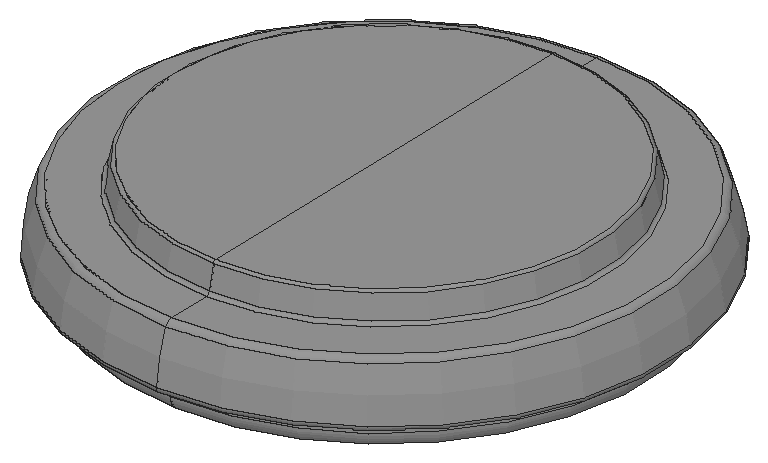
Revit family "FMK11_63_UN_Surface-mounted_ETK", category Lighting Fixtures, Revit 2017 (continued)
Definition of nested family "FMK.1 - Lightsource"
  Types (13, lengths in mm): name | Wattage Comments | Photometric Web File | built-in parameter 1150142 | Apparent Load
    FMK.1129.10N - Ø250x48 / 12W | "12W" | "FMK.1129.10n.ies" | "IESNA:LM-63-2002\r\n[TEST] /2015\r\n[TESTLAB] ies2eulumdat.appspot.com\r\n[ISSUEDATE] 2021-06-16T09:00:21.829\r\n[MANUFAC] www.etk.nl\r\n[LUMCAT] FMK.1109.10\r\n[LUMINAIRE] FMK.1 LED 12W 3000/4000/5700K ø250 niet dimbaar\r\n[LAMPCAT] LED\r\n[LAMP] LED\r\nTILT=NONE\r\n1\t1150\t1\t46\t180\t1\t2\t-0.250\t-0.250\t0\r\n1.0\t1.0\t11.80\r\n0\t 2\t 4\t 6\t 8\t 10\t 12\t 14\t 16\t 18\r\n20\t 22\t 24\t 26\t 28\t 30\t 32\t 34\t 36\t 38\r\n40\t 42\t 44\t 46\t 48\t 50\t 52\t 54\t 56\t 58\r\n60\t 62\t 64\t 66\t 68\t 70\t 72\t 74\t 76\t 78\r\n80\t 82\t 84\t 86\t 88\t 90\r\n0\t 2\t 4\t 6\t 8\t 10\t 12\t 14\t 16\t 18\r\n20\t 22\t 24\t 26\t 28\t 30\t 32\t 34\t 36\t 38\r\n40\t 42\t 44\t 46\t 48\t 50\t 52\t 54\t 56\t 58\r\n60\t 62\t 64\t 66\t 68\t 70\t 72\t 74\t 76\t 78\r\n80\t 82\t 84\t 86\t 88\t 90\t 92\t 94\t 96\t 98\r\n100\t 102\t 104\t 106\t 108\t 110\t 112\t 114\t 116\t 118\r\n120\t 122\t 124\t 126\t 128\t 130\t 132\t 134\t 136\t 138\r\n140\t 142\t 144\t 146\t 148\t 150\t 152\t 154\t 156\t 158\r\n160\t 162\t 164\t 166\t 168\t 170\t 172\t 174\t 176\t 178\r\n180\t 182\t 184\t 186\t 188\t 190\t 192\t 194\t 196\t 198\r\n200\t 202\t 204\t 206\t 208\t 210\t 212\t 214\t 216\t 218\r\n220\t 222\t 224\t 226\t 228\t 230\t 232\t 234\t 236\t 238\r\n240\t 242\t 244\t 246\t 248\t 250\t 252\t 254\t 256\t 258\r\n260\t 262\t 264\t 266\t 268\t 270\t 272\t 274\t 276\t 278\r\n280\t 282\t 284\t 286\t 288\t 290\t 292\t 294\t 296\t 298\r\n300\t 302\t 304\t 306\t 308\t 310\t 312\t 314\t 316\t 318\r\n320\t 322\t 324\t 326\t 328\t 330\t 332\t 334\t 336\t 338\r\n340\t 342\t 344\t 346\t 348\t 350\t 352\t 354\t 356\t 358\r\n\r\n405.3384\t404.7765\t404.2265\t402.9975\t401.1013\t399.2051\t395.3191\t391.4331\t387.5471\t383.661\r\n379.7751\t373.4779\t367.169\t360.8717\t354.5746\t348.2657\t339.7094\t331.1415\t322.5852\t314.029\r\n305.461\t294.8096\t284.1582\t273.5069\t262.8555\t252.2041\t239.7267\t227.261\t214.7837\t202.3181\r\n189.8525\t177.3751\t164.9094\t152.432\t139.9664\t127.4891\t0\t0\t0\t0\r\n0\t0\t0\t0\t0\t0\r\n405.3384\t404.7925\t404.2577\t403.0448\t401.1686\t399.2994\t395.4335\t391.5606\t387.7102\t383.8203\r\n379.9334\t373.6444\t367.3443\t361.0453\t354.7325\t348.4388\t339.8983\t331.3616\t322.8117\t314.2627\r\n305.722\t295.0872\t284.4404\t273.8022\t263.1576\t252.5163\t240.0548\t227.5873\t215.131\t202.664\r\n190.1945\t177.7378\t165.2697\t152.8012\t140.3312\t128.1946\t0.3296\t0\t0\t0\r\n0\t0\t0\t0\t0\t0\r\n405.3384\t404.8094\t404.2892\t403.0935\t401.2796\t399.4809\t395.6213\t391.7396\t387.8385\t383.9437\r\n380.072\t373.802\t367.5085\t361.2065\t354.9129\t348.6531\t340.137\t331.5961\t323.0451\t314.5012\r\n305.9895\t295.3818\t284.734\t274.0862\t263.4264\t252.8071\t240.376\t227.9231\t215.4572\t202.995\r\n190.53\t178.0631\t165.6056\t153.1389\t140.6717\t129.4859\t1.3419\t0\t0\t0\r\n0\t0\t0\t0\t0\t0\r\n405.3384\t404.8271\t404.3209\t403.1488\t401.3532\t399.5783\t395.7291\t391.8382\t387.9181\t384.0265\r\n380.1901\t373.9544\t367.6616\t361.3486\t355.0482\t348.8012\t340.3437\t331.8018\t323.2501\t314.6929\r\n306.2129\t295.662\t285.012\t274.3604\t263.7094\t253.1247\t240.74\t228.2758\t215.8122\t203.3491\r\n190.8749\t178.4127\t165.9503\t153.4898\t141.027\t131.3458\t3.1025\t0\t0\t0\r\n0\t0\t0\t0\t0\t0\r\n405.3384\t404.8458\t404.3591\t403.1978\t401.4167\t399.6486\t395.7816\t391.8937\t388.0038\t384.1068\r\n380.2987\t374.1143\t367.817\t361.5156\t355.2003\t348.9967\t340.5979\t332.043\t323.4957\t314.942\r\n306.4955\t295.9896\t285.3021\t274.6328\t263.9659\t253.4202\t241.0823\t228.6129\t216.1591\t203.6915\r\n191.2234\t178.7558\t166.3001\t153.8352\t141.371\t133.6544\t5.718\t0\t0\t0\r\n0\t0\t0\t0\t0\t0\r\n405.3384\t404.8652\t404.3908\t403.2459\t401.4706\t399.6646\t395.8675\t391.9843\t388.0857\t384.1821\r\n380.4316\t374.3456\t368.0256\t361.7021\t355.3697\t349.2\t340.8799\t332.2872\t323.6935\t315.0968\r\n306.6804\t296.3012\t285.6181\t274.9391\t264.248\t253.707\t241.4578\t228.9766\t216.4988\t204.0245\r\n191.5571\t179.0864\t166.6186\t154.1544\t141.6922\t136.24\t9.3369\t0\t0\t0\r\n0\t0\t0\t0\t0\t0\r\n405.3384\t404.8854\t404.4219\t403.2933\t401.5055\t399.7186\t395.9651\t392.0842\t388.1903\t384.3067\r\n380.5784\t374.5562\t368.2162\t361.8639\t355.4958\t349.3364\t341.1183\t332.5123\t323.9013\t315.2964\r\n306.9063\t296.6299\t285.9122\t275.1976\t264.4831\t253.9575\t241.8218\t229.3201\t216.8328\t204.3396\r\n191.8483\t179.3695\t166.8926\t154.4222\t141.9565\t138.8551\t14.1501\t0\t0\t0\r\n0\t0\t0\t0\t0\t0\r\n405.3384\t404.9066\t404.4521\t403.3398\t401.5506\t399.7766\t396.0731\t392.2029\t388.3231\t384.3922\r\n380.6589\t374.7488\t368.3792\t361.9898\t355.5837\t349.4181\t341.3685\t332.7528\t324.1099\t315.4532\r\n307.0598\t296.9581\t286.2249\t275.4731\t264.7159\t254.1799\t242.1928\t229.6762\t217.1659\t204.6692\r\n192.1717\t179.6758\t167.1817\t154.6978\t142.2295\t141.3105\t20.401\t0\t0\t0\r\n0\t0\t0\t0\t0\t0\r\n405.3384\t404.9688\t404.4817\t403.3908\t401.5946\t399.8358\t396.2032\t392.3475\t388.4203\t384.4425\r\n380.7195\t374.9437\t368.5473\t362.1238\t355.6851\t349.5134\t341.9282\t332.9785\t324.3069\t315.6402\r\n306.9436\t297.5694\t286.5262\t275.7395\t264.9593\t254.1623\t242.7912\t230.0358\t217.5005\t204.986\r\n192.4711\t179.9636\t167.4644\t154.9748\t142.4941\t143.2492\t28.3764\t0\t0\t0\r\n0\t0\t0\t0\t0\t0\r\n405.3384\t404.9901\t404.5102\t403.434\t401.6375\t399.8986\t396.3675\t392.4653\t388.4946\t384.4886\r\n380.7515\t375.1532\t368.7296\t362.2829\t355.7949\t349.2691\t342.1908\t333.257\t324.528\t315.7751\r\n307.0363\t297.9246\t286.8722\t276.0236\t265.1733\t254.3419\t243.18\t230.433\t217.8766\t205.3224\r\n192.7845\t180.2462\t167.7206\t155.2142\t142.724\t144.3059\t38.4235\t0\t0\t0\r\n0\t0\t0\t0\t0\t0\r\n405.3384\t405.0108\t404.5376\t403.4745\t401.6757\t399.9613\t396.5103\t392.5677\t388.5717\t384.5293\r\n380.4421\t375.6788\t368.9428\t362.4278\t355.8852\t349.3419\t342.4468\t333.4846\t324.7196\t315.9401\r\n307.1422\t298.1755\t287.1691\t276.2852\t265.4162\t254.5351\t243.54\t230.8321\t218.2158\t205.6051\r\n193.0422\t180.5018\t167.9628\t155.4439\t142.9509\t130.4715\t80.1717\t0\t0\t0\r\n0\t0\t0\t0\t0\t0\r\n405.3384\t405.0308\t404.5638\t403.5122\t401.7197\t400.0344\t396.6479\t392.675\t388.642\t384.5539\r\n380.446\t375.8849\t369.1475\t362.5941\t356.0076\t349.3402\t342.606\t333.7678\t324.9507\t316.0958\r\n307.1888\t298.3823\t287.5427\t276.5987\t265.6547\t254.6769\t243.7733\t231.1892\t218.5583\t205.9536\r\n193.3574\t180.7795\t168.2176\t155.6732\t143.1664\t130.6811\t92.6587\t0\t0\t0\r\n0\t0\t0\t0\t0\t0\r\n405.3384\t405.0504\t404.5956\t403.547\t401.7653\t400.0733\t397.0342\t392.7846\t388.7175\t384.6009\r\n380.4658\t376.0643\t369.3866\t362.7735\t356.0799\t349.3699\t342.7566\t334.0832\t325.1628\t316.2179\r\n307.2752\t298.5357\t287.9146\t276.8913\t265.8705\t254.8646\t244.0337\t231.6235\t218.9315\t206.265\r\n193.6356\t181.0339\t168.4572\t155.9156\t143.3861\t130.8825\t104.473\t0\t0\t0\r\n0\t0\t0\t0\t0\t0\r\n405.3384\t405.0692\t404.6173\t403.5726\t401.812\t400.0922\t397.1653\t392.8976\t388.795\t384.6787\r\n380.4567\t376.1942\t369.6246\t362.9226\t356.2055\t349.4272\t342.8367\t334.3769\t325.3805\t316.3703\r\n307.3625\t298.3377\t288.5546\t277.2123\t266.1258\t255.0391\t244.1559\t232.0335\t219.3073\t206.6258\r\n193.9576\t181.3129\t168.7045\t156.1324\t143.5875\t131.0872\t115.0185\t0\t0\t0\r\n0\t0\t0\t0\t0\t0\r\n405.3384\t405.0876\t404.6362\t403.6022\t401.8688\t399.828\t397.2783\t392.9976\t388.9023\t384.7385\r\n380.4432\t376.2623\t369.8607\t363.1303\t356.3361\t349.4819\t342.5273\t334.9205\t325.6274\t316.563\r\n307.4647\t298.325\t288.8953\t277.552\t266.3836\t255.2249\t244.066\t232.6598\t219.71\t206.9637\r\n194.2635\t181.5828\t168.9417\t156.3369\t143.7678\t131.2452\t123.6219\t0\t0\t0\r\n0\t0\t0\t0\t0\t0\r\n405.3384\t405.1054\t404.6527\t403.6299\t401.9954\t399.8313\t397.3825\t393.1311\t389.0376\t384.7914\r\n380.4256\t376.2601\t370.1442\t363.3441\t356.5\t349.5195\t342.4467\t335.1645\t325.9313\t316.7695\r\n307.548\t298.3169\t289.1161\t277.9297\t266.651\t255.4032\t244.1853\t232.9715\t220.1319\t207.3312\r\n194.5444\t181.8166\t169.148\t156.5181\t143.9438\t131.4005\t129.5504\t10.7169\t0\t0\r\n0\t0\t0\t0\t0\t0\r\n405.3384\t405.1227\t404.6665\t403.6558\t402.0282\t399.8387\t397.4732\t393.2952\t389.1616\t384.8421\r\n380.4176\t375.9014\t370.721\t363.6037\t356.6569\t349.5494\t342.4061\t335.3294\t326.2421\t316.9739\r\n307.6665\t298.3454\t289.1781\t278.2878\t266.963\t255.6467\t244.3238\t233.1536\t220.5163\t207.6577\r\n194.8355\t182.0686\t169.3482\t156.6677\t144.0408\t131.4715\t131.8453\t25.923\t0\t0\r\n0\t0\t0\t0\t0\t0\r\n405.3384\t405.1396\t404.6776\t403.6776\t402.0538\t399.8619\t397.5341\t393.5083\t389.2881\t384.8846\r\n380.4261\t375.832\t370.9139\t363.9038\t356.8028\t349.6355\t342.4017\t335.332\t326.5796\t317.2212\r\n307.8198\t298.3417\t288.8594\t278.9905\t267.339\t255.8866\t244.4302\t233.0061\t221.1259\t208.0094\r\n195.1274\t182.2902\t169.5075\t156.7928\t144.1389\t131.538\t118.9821\t72.5747\t0\t0\r\n0\t0\t0\t0\t0\t0\r\n405.3384\t405.1559\t404.686\t403.7113\t402.0482\t399.882\t397.6063\t393.7003\t389.4083\t384.9648\r\n380.4586\t375.7543\t371.0891\t364.165\t357.0131\t349.7518\t342.4103\t334.9484\t327.1548\t317.4999\r\n307.9709\t298.3923\t288.8332\t279.2321\t267.7019\t256.1485\t244.593\t233.049\t221.4516\t208.379\r\n195.4187\t182.5259\t169.6952\t156.9157\t144.2105\t131.5685\t118.9925\t91.6472\t0\t0\r\n0\t0\t0\t0\t0\t0\r\n405.3384\t405.1718\t404.6918\t403.7304\t402.0748\t399.9057\t397.6713\t393.8957\t389.5114\t385.088\r\n380.4979\t375.7076\t371.0587\t364.4889\t357.2386\t349.9042\t342.4218\t334.8539\t327.2884\t317.8216\r\n308.1836\t298.5219\t288.784\t279.2695\t268.1369\t256.4569\t244.7869\t233.1079\t221.6219\t208.7797\r\n195.7476\t182.7712\t169.842\t157.0084\t144.2669\t131.5897\t118.9856\t106.3522\t0\t0\r\n0\t0\t0\t0\t0\t0\r\n405.3384\t405.1872\t404.677\t403.7455\t402.1069\t399.9332\t397.7438\t394.3242\t389.6719\t385.2237\r\n380.5442\t375.6807\t370.6129\t365.0631\t357.5309\t350.0674\t342.4859\t334.7817\t327.2448\t318.4473\r\n308.4635\t298.6371\t288.784\t278.8955\t268.7927\t256.8209\t244.9966\t233.2361\t221.4851\t209.3772\r\n196.0586\t182.9925\t170.014\t157.1221\t144.303\t131.5659\t118.922\t115.4507\t0.7529\t0\r\n0\t0\t0\t0\t0\t0\r\n405.3384\t405.2023\t404.5924\t403.7567\t402.1445\t399.9518\t397.5215\t394.4699\t389.8906\t385.382\r\n380.6063\t375.6074\t370.4961\t365.1827\t357.8531\t350.2794\t342.5728\t334.767\t326.8088\t318.7303\r\n308.7717\t298.8224\t288.8326\t278.8036\t268.8778\t257.2662\t245.3121\t233.3885\t221.4719\t209.6291\r\n196.4163\t183.2663\t170.1886\t157.217\t144.3317\t131.5459\t118.8227\t106.1876\t17.4697\t0\r\n0\t0\t0\t0\t0\t0\r\n405.3384\t405.217\t404.5944\t403.7643\t402.2164\t399.9969\t397.5215\t394.5348\t390.1198\t385.5481\r\n380.6842\t375.579\t370.3695\t365.1761\t358.5091\t350.5396\t342.7377\t334.7731\t326.7113\t318.7291\r\n309.1553\t299.0695\t288.9289\t278.7193\t268.5571\t257.9194\t245.6422\t233.5555\t221.5159\t209.6959\r\n196.8141\t183.564\t170.3986\t157.3153\t144.3298\t131.4311\t118.6433\t105.963\t65.2493\t0\r\n0\t0\t0\t0\t0\t0\r\n405.3384\t405.2314\t404.597\t403.7683\t402.259\t400.1387\t397.5142\t394.6254\t390.3718\t385.7346\r\n380.7618\t375.6336\t370.2359\t364.7113\t358.7633\t350.8369\t342.942\t334.8576\t326.6208\t318.2983\r\n309.7123\t299.3766\t289.0811\t278.7695\t268.3526\t258.0866\t246.0418\t233.822\t221.6258\t209.5032\r\n197.3492\t183.8918\t170.5912\t157.4067\t144.3357\t131.3476\t118.48\t105.7362\t86.9291\t0\r\n0\t0\t0\t0\t0\t0\r\n405.3384\t405.2454\t404.6007\t403.7691\t402.2969\t400.2013\t397.5194\t394.7022\t390.8756\t385.9297\r\n380.8283\t375.6809\t370.2029\t364.5257\t358.7975\t351.2443\t343.1931\t334.9798\t326.6184\t318.1094\r\n309.6994\t299.7814\t289.3562\t278.8261\t268.235\t257.6488\t246.725\t234.1375\t221.8235\t209.5282\r\n197.4412\t184.2693\t170.8692\t157.5318\t144.3183\t131.2485\t118.3192\t105.4985\t99.8452\t0\r\n0\t0\t0\t0\t0\t0\r\n405.3384\t405.2465\t404.6055\t403.7327\t402.33\t400.28\t397.5374\t394.7758\t391.1064\t386.1222\r\n380.9814\t375.6963\t370.1916\t364.3689\t358.3019\t351.8681\t343.551\t335.1761\t326.6651\t318.0094\r\n309.224\t300.3263\t289.676\t278.9673\t268.2109\t257.4449\t246.79\t234.5954\t222.0662\t209.6096\r\n197.2538\t184.796\t171.1111\t157.6776\t144.3725\t131.1929\t118.1378\t105.2239\t92.4606\t7.417\r\n0\t0\t0\t0\t0\t0\r\n405.3384\t405.26\t404.6117\t403.7331\t402.3583\t400.3318\t397.5727\t394.5667\t391.2865\t386.3445\r\n381.2477\t375.7985\t370.1959\t364.244\t358.0878\t351.9228\t343.9437\t335.4465\t326.8059\t317.9911\r\n309.0489\t300.2024\t290.2985\t279.2004\t268.2951\t257.2789\t246.344\t235.2056\t222.4167\t209.7955\r\n197.2042\t184.8605\t171.4948\t157.9091\t144.4487\t131.1247\t117.9609\t104.9565\t92.1149\t52.9313\r\n0\t0\t0\t0\t0\t0\r\n405.3384\t405.2736\t404.6193\t403.7351\t402.3811\t400.3748\t397.6302\t394.5872\t391.3781\t386.8119\r\n381.4951\t375.9993\t370.2514\t364.1293\t357.9116\t351.3889\t344.5079\t335.822\t327.0416\t318.0736\r\n308.9557\t299.6921\t290.3569\t279.5927\t268.421\t257.3226\t246.1\t234.903\t222.8814\t210.0311\r\n197.2958\t184.6475\t172.0079\t158.165\t144.5452\t131.0796\t117.7978\t104.7315\t91.8426\t76.8551\r\n0\t0\t0\t0\t0\t0\r\n405.3384\t405.2871\t404.6284\t403.7382\t402.383\t400.4092\t397.8019\t394.6157\t391.382\t386.9759\r\n381.7537\t376.2214\t370.3501\t364.1175\t357.7917\t351.1064\t344.4201\t336.5393\t327.3814\t318.2587\r\n308.9705\t299.4656\t289.8818\t280.0753\t268.8078\t257.4031\t245.984\t234.5829\t223.2864\t210.4452\r\n197.4796\t184.6232\t171.8738\t158.4916\t144.6856\t131.1101\t117.7175\t104.5034\t91.5471\t87.0893\r\n0\t0\t0\t0\t0\t0\r\n405.3384\t405.3008\t404.6392\t403.7418\t402.3989\t400.4352\t397.8747\t394.6614\t391.0674\t387.1128\r\n382.2229\t376.4632\t370.4832\t364.2203\t357.7251\t350.8963\t343.8101\t336.6669\t327.8215\t318.561\r\n309.1145\t299.4337\t289.6313\t279.6987\t269.4041\t257.6346\t246.0417\t234.3777\t222.7877\t211.0609\r\n197.8041\t184.6956\t171.7174\t158.9026\t144.9461\t131.1605\t117.657\t104.3263\t91.2411\t78.3968\r\n8.6356\t0\t0\t0\t0\t0\r\n405.3384\t405.3146\t404.6518\t403.7453\t402.4116\t400.4333\t397.9374\t394.7255\t391.0189\t387.2362\r\n382.4741\t376.7553\t370.621\t364.3583\t357.712\t350.7498\t343.5434\t336.0689\t328.3754\t318.9975\r\n309.3575\t299.5473\t289.484\t279.3984\t269.2587\t258.261\t246.2079\t234.3624\t222.4746\t210.6739\r\n198.3975\t184.9162\t171.7187\t158.643\t145.2545\t131.3415\t117.6016\t104.16\t90.981\t78.0548\r\n54.1337\t0\t0\t0\t0\t0\r\n405.3384\t405.4889\t404.6945\t403.6712\t402.4205\t400.4506\t397.9834\t394.8928\t390.9998\t386.973\r\n382.6577\t377.3141\t370.8707\t364.5641\t357.7877\t350.7046\t343.3801\t335.7208\t327.8525\t319.6767\r\n309.7968\t299.7787\t289.6134\t279.2245\t268.6962\t258.2578\t246.6038\t234.4814\t222.3847\t210.2821\r\n198.4381\t185.3347\t171.8446\t158.564\t145.4985\t131.5442\t117.6455\t104.0124\t90.7095\t77.7184\r\n71.0115\t0\t0\t0\t0\t0\r\n405.3384\t405.5009\t404.7104\t403.6809\t402.4254\t400.4644\t398.0198\t394.9896\t391.014\t386.9406\r\n382.6666\t377.537\t371.2201\t364.837\t357.9545\t350.7593\t343.2926\t335.5022\t327.46\t319.1538\r\n310.4783\t300.1684\t289.8497\t279.2431\t268.5397\t257.661\t246.8589\t234.8353\t222.4783\t210.092\r\n197.8192\t185.7046\t172.2109\t158.5712\t145.1721\t131.9025\t117.7262\t103.9048\t90.5045\t77.4349\r\n64.724\t0\t0\t0\t0\t0\r\n405.3384\t405.512\t404.7274\t403.6949\t402.4256\t400.4737\t398.0459\t395.0319\t391.1349\t386.9314\r\n382.368\t377.565\t371.7894\t365.1647\t358.2122\t350.925\t343.2805\t335.4297\t327.1908\t318.7224\r\n309.9642\t300.886\t290.2777\t279.5029\t268.5805\t257.4726\t246.2239\t235.0727\t222.7881\t210.1727\r\n197.5617\t185.0625\t172.6371\t158.8143\t145.0846\t131.6118\t117.8827\t103.9322\t90.3265\t77.1744\r\n64.48\t35.0653\t0\t0\t0\t0\r\n405.3384\t405.522\t404.7455\t403.7452\t402.4209\t400.4773\t398.0588\t395.0488\t391.1753\t387.0135\r\n382.3352\t377.2242\t371.9159\t365.7147\t358.5534\t351.2243\t343.4254\t335.4792\t327.0606\t318.4772\r\n309.4696\t300.3065\t290.8705\t280.0089\t268.8629\t257.5392\t246.0377\t234.4621\t222.8965\t210.6316\r\n197.5873\t184.7291\t171.9505\t159.2993\t145.2866\t131.4601\t118.0115\t103.9741\t90.2222\t76.9361\r\n64.1798\t56.618\t0\t0\t0\t0\r\n405.3384\t405.5308\t404.7649\t403.7651\t402.3395\t400.4737\t398.0593\t395.0424\t391.207\t387.0567\r\n382.3506\t377.1527\t371.6378\t365.821\t359.1154\t351.6039\t343.7387\t335.6237\t327.116\t318.3892\r\n309.185\t299.8538\t290.1589\t280.4669\t269.6277\t257.8645\t246.1541\t234.2897\t222.3665\t210.3175\r\n198.0481\t184.7232\t171.6272\t158.6683\t145.768\t131.577\t117.6798\t104.1455\t90.1031\t76.7097\r\n63.9092\t51.7004\t0\t0\t0\t0\r\n405.3384\t405.5388\t404.7856\t403.7878\t402.34\t400.4766\t398.0469\t395.016\t391.2276\t387.086\r\n382.4782\t377.1848\t371.6139\t365.5258\t359.2193\t352.1252\t344.383\t335.9209\t327.3527\t318.4608\r\n309.1505\t299.601\t289.7392\t279.6691\t269.2868\t258.5846\t246.5891\t234.456\t222.2595\t209.9698\r\n197.5743\t185.146\t171.655\t158.2647\t145.101\t132.0467\t117.7168\t103.7776\t90.1162\t76.5416\r\n63.6537\t51.4481\t11.4644\t0\t0\t0\r\n405.3384\t405.5455\t404.8079\t403.8136\t402.3469\t400.3632\t398.021\t394.9736\t391.2361\t387.0991\r\n382.4999\t377.3413\t371.7228\t365.4801\t358.9167\t352.0852\t344.7107\t336.4982\t327.7775\t318.7203\r\n309.3167\t299.5744\t289.5996\t279.3072\t268.7148\t257.8887\t247.047\t235.2639\t222.5436\t209.9771\r\n197.2699\t184.5597\t171.885\t158.2865\t144.6692\t131.337\t118.1829\t103.7905\t89.9666\t76.4265\r\n63.4089\t51.1676\t44.0861\t0\t0\t0\r\n405.3384\t405.5513\t404.9774\t403.8429\t402.3609\t400.3505\t397.8886\t394.8898\t391.2407\t387.0953\r\n382.4979\t377.3824\t371.7634\t365.5989\t358.905\t351.812\t344.4396\t336.63\t328.3847\t319.3177\r\n309.7407\t299.8087\t289.728\t279.2246\t268.459\t257.4328\t246.1417\t234.7065\t223.2024\t210.4254\r\n197.4644\t184.3923\t171.2764\t158.1367\t144.9817\t130.9885\t117.4819\t104.1949\t89.9202\t76.3115\r\n63.1698\t50.8615\t39.4911\t0\t0\t0\r\n405.3384\t405.5559\t404.9992\t403.8756\t402.382\t400.349\t397.8573\t394.7468\t391.2145\t387.0848\r\n382.4587\t377.3893\t371.7642\t365.6347\t359.0468\t351.9462\t344.3869\t336.3706\t328.1386\t319.4674\r\n310.3444\t300.4744\t290.1739\t279.4322\t268.5321\t257.3547\t245.836\t234.1207\t222.3374\t210.1954\r\n198.078\t184.7804\t171.3331\t157.8412\t144.3958\t131.1966\t117.2105\t103.4803\t90.2145\t76.2405\r\n62.9998\t50.5463\t39.207\t5.7837\t0\t0\r\n
